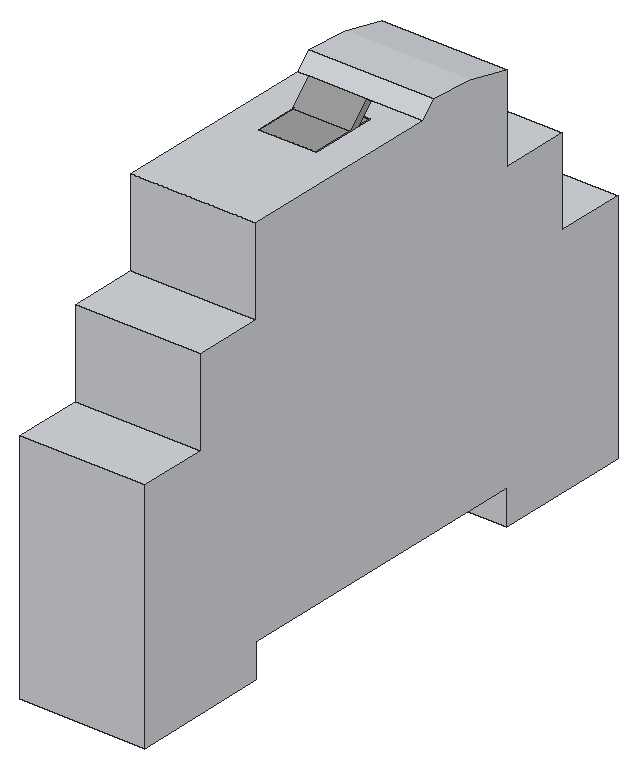
Revit family "Power-ModularDevices-GEWISS-90AM-SWITCH_ON_OFF", category Apparecchi elettrici, host Superficie, Revit 2016
Family settings
  Host = Superficie
  Mantenere orientamento annotazione = Sì
  Tipo di parte = Normale
  Quota connettore circolare = Usa diametro
  Numero OmniClass = 23.80.30.14
  Titolo OmniClass = Power Distribution
  Taglio con vuoti quando caricato = No
  Condiviso = No
  Punto di calcolo locali = Sì
Parameters (values of type "GW96542 - ON-OFF SWITCH+IND.LAMP 32A 2P 230V 1M")
  dIST sIMBOLO [instance] = 6.364 mm
  Version file RFA = "18.0"
  URL = "https://www.gewiss.com/ww/en"
  Type = "With indicator lamp"
  Technical sheet = "https://www.gewiss.com/ww/en/search?q=GW96542"
  TEXT LABEL = "A"
  Realized by GEWISS S.p.A. = ""
  Rated voltage = "230V"
  Rated current (In) = "32A"
  Default Elevation = 1219.2 mm
  Produttore = "GEWISS S.p.A."
  Potenza in Watt = 0 V
  Numero poli = 1
  Number of poles = "2P"
  No. Chorus modules = "1"
  Modello = "GW96542"
  Immagine tipo = GW96542.jpg
  IFC.TypeObject = ""
  IFC.ExportType = ""
  IFC.ExportAs = ""
  IDT = "f30bf467-093b-4f72-8385-68cf8ffc79e1"
  IDF = "ca8755d7-c1ca-4274-ad7b-33f739b1c151"
  Fin_nterruttore = none
  Electrocod = "1421                "
  EAN code = "8011564447912"
  Dist_dalla barra din [instance] = 5 mm
  Descrizione = "ON-OFF SWITCH+IND.LAMP 32A 2P 230V 1M"
  D = 45 mm
  Characteristics = "With red indicator lamp"
  Catalogue Range = "90 AM"
  Catalogue = "POWER"
  COBie.Tagnumber = ""
  COBie.CreatedOn = ""
  COBie.CreatebBy = ""
  COBie.ComponentRegisterItemID = ""
  COBie.Component.TagNumber = ""
  COBie.Component.Space = ""
  COBie.Component.SerialNumber = ""
  COBie.Component.InstallationDate = ""
  COBie.Component.Description = ""
  COBie.Component.BarCode = ""
  C = 65 mm
  B = 85 mm
  A = 54 mm
Values of the unnamed type that differ from the named types
  Version file RFA = ""
  Type = ""
  TEXT LABEL = ""
  Rated voltage = ""
  No. Chorus modules = ""
  IDF = ""
  Electrocod = ""
  Characteristics = ""
  Catalogue Range = ""
  Catalogue = ""
Reference planes
  plane 1 "Centro (Fronte/Retro)": y = 0
  plane 2: z = 0
  plane 3 "Centro (Sinistra/Destra)": x = 0
  plane 4 "barra din": y = -22.5
Dimensions and locks
  aligned and locked: plane 2 to host face
  aligned and locked: level to host face
  aligned and locked: plane 3 "Centro (Sinistra/Destra)" to nested 1
  aligned and locked: plane 1 "Centro (Fronte/Retro)" to nested 1
Nested families
  nested 1: "90AM INTERRUTTORI NON AUTOMATICI_generico" at (0, 22.5, 0), type "GW96879  -  AMPEROMETRO DIGIT. ALIM. T.A. 999A 2M"
Connectors
  electrical at (0, 65, 16.965)
    settings: on nested 1, index 1, voltage 230 V, apparent load 0 VA, apparent load phase1 0 VA, apparent load phase2 0 VA, apparent load phase3 0 VA, power factor 1, load classification "Altro", number of poles 1, system type 31, power factor state 1, is connector primary yes, connector utility no, sub classification motor no, connector description ""
Definition of nested family "90AM INTERRUTTORI NON AUTOMATICI_generico"
  Parameters (values of type "GW96879  -  AMPEROMETRO DIGIT. ALIM. T.A. 999A 2M")
    Default Elevation = 1219.2 mm
    Interruttore = none
    Finitura Amperometro = none
    DIST_DALLA BARRA = 5 mm
    D = 45 mm  # constant formula
    C = 59 mm  # constant formula
    B = 85 mm  # constant formula
    A = 18 mm  # constant formula
  Reference planes
    plane 1 "Centro (Fronte/Retro)": y = 0
    plane 2: z = 0
    plane 3 "Centro (Sinistra/Destra)": x = 0
    plane 4: y = -22.5
    plane 5: y = 22.5
    plane 6: y = -32.5
    plane 7: y = 32.5
    plane 8: y = -42.5
    plane 9: y = 42.5
    plane 10 "AMPEROMETRO": z = 59
    plane 11: z = 0
    plane 12: z = 5
    plane 13 "FOROMETRIA1": z = 33.929
    plane 14 "FOROMETRIA 2": z = 46.465
    plane 15: x = -9
    plane 16: x = 9
    plane 17: x = -4.129
    plane 18: x = 4.129
    plane 19: y = 3.94
    plane 20: y = -5.614
    plane 21: z = 57.086
    plane 22 "curvatura": z = 60.909
  Forms (mm)
    Extrusion 1, solid, material <- "Finitura Amperometro"
      sketch origin (0, 0, 5) x (0, 1, 0) y (0, 0, 1)
        loop
          line (-22.5, 54) -> (-22.5, 41.465) -> (-32.5, 41.465) -> (-32.5, 28.929) -> (-42.5, 28.929) -> (-42.5, -5) -> (-22.5, -5) -> (-22.5, 0) -> (22.5, 0) -> (22.5, -5) -> (42.5, -5) -> (42.5, 28.929) -> (32.5, 28.929) -> (32.5, 41.465) -> (22.5, 41.465) -> (22.5, 54)
          arc (22.5, 54) -> (16.035, 55.509) -> (9.409, 55.909) r 39.308
          line (9.409, 55.909) -> (7.5, 54) -> (-22.5, 54)
      from -9 to 9
    Extrusion 2, solid, detail levels coarse
      sketch origin (0, 0, 33.929) x (0, -1, 0) y (1, 0, 0)
        loop
          line (-42.5, -9) -> (42.5, -9) -> (42.5, 9) -> (-42.5, 9) -> (-42.5, -9)
      from -28.929 to 25.071
    Extrusion 3, void
      sketch origin (0, 0, 0) x (0, 1, 0) y (0, 0, 1)
        loop
          line (-5.614, 57.086) -> (3.94, 57.086) -> (3.94, 59) -> (-5.614, 59) -> (-5.614, 57.086)
      from -4.129 to 4.129
    Extrusion 4, solid, material <- "Interruttore"
      sketch origin (0, 0, 46.465) x (0, -1, 0) y (1, 0, 0)
        loop
          line (5.614, -4.129) -> (5.614, 4.129) -> (-3.94, 4.129) -> (-3.94, -4.129) -> (5.614, -4.129)
      from 10.621 to 12.535
    Extrusion 5, solid, material <- "Interruttore"
      sketch origin (0, 0, 0) x (0, -1, 0) y (0, 0, -1)
        loop
          line (0, -57.086) -> (-4.104, -61.189) -> (-3.397, -61.896) -> (1.414, -57.086) -> (0, -57.086)
      from -4.129 to 4.129
  Cuts and joins
    Extrusion 3 cuts Extrusion 1
    Extrusion 3 cuts Extrusion 2
  Lines and regions (mm)
    model lines, not visible
      curve 1: line (49.486, 32.5, 33.929) -> (49.486, 42.5, 33.929)
      curve 2: line (49.486, 42.5, 33.929) -> (67.486, 42.5, 33.929)
      curve 3: line (67.486, 42.5, 33.929) -> (67.486, 32.5, 33.929)
      curve 4: line (67.486, -32.5, 33.929) -> (67.486, -42.439, 33.929)
      curve 5: line (67.486, -42.439, 33.929) -> (49.486, -42.439, 33.929)
      curve 6: line (49.486, -42.439, 33.929) -> (49.486, -32.5, 33.929)
      curve 7: line (49.486, -32.5, 33.929) -> (67.486, -32.5, 33.929)
      curve 8: line (49.486, 32.5, 33.929) -> (67.486, 32.5, 33.929)
      curve 65: line (34.005, -22.5, 59) -> (34.005, 22.525, 59)
      curve 66: line (52.005, 22.525, 59) -> (52.005, -22.5, 59)
      curve 67: line (34.005, -22.5, 59) -> (52.005, -22.5, 59)
      curve 68: line (50.505, 21.525, 59) -> (50.505, -21.475, 59)
      curve 69: line (50.505, -21.475, 59) -> (35.005, -21.475, 59)
      curve 70: line (35.005, -21.475, 59) -> (35.005, 21.525, 59)
      curve 71: line (35.005, 21.525, 59) -> (50.505, 21.525, 59)
      curve 72: line (34.005, 22.525, 59) -> (52.005, 22.525, 59)
    model lines, not visible, detail levels medium+fine
      curve 9: line (54.227, -34.832, 33.929) -> (55.278, -35.114, 33.929)
      curve 10: line (55.278, -35.114, 33.929) -> (56.048, -35.884, 33.929)
      curve 11: line (56.048, -35.884, 33.929) -> (56.33, -36.935, 33.929)
      curve 12: line (56.33, -36.935, 33.929) -> (56.048, -37.987, 33.929)
      curve 13: line (56.048, -37.987, 33.929) -> (55.278, -38.756, 33.929)
      curve 14: line (55.278, -38.756, 33.929) -> (54.227, -39.038, 33.929)
      curve 15: line (54.227, -39.038, 33.929) -> (53.175, -38.756, 33.929)
      curve 16: line (53.175, -38.756, 33.929) -> (52.406, -37.987, 33.929)
      curve 17: line (52.406, -37.987, 33.929) -> (52.124, -36.935, 33.929)
      curve 18: line (52.124, -36.935, 33.929) -> (52.406, -35.884, 33.929)
      curve 19: line (52.406, -35.884, 33.929) -> (53.175, -35.114, 33.929)
      curve 20: line (53.175, -35.114, 33.929) -> (54.227, -34.832, 33.929)
      curve 21: line (53.175, -35.114, 33.929) -> (55.278, -38.756, 33.929)
      curve 22: line (56.048, -35.884, 33.929) -> (52.406, -37.987, 33.929)
      curve 23: line (62.244, -34.832, 33.929) -> (63.296, -35.114, 33.929)
      curve 24: line (63.296, -35.114, 33.929) -> (64.066, -35.884, 33.929)
      curve 25: line (64.066, -35.884, 33.929) -> (64.347, -36.935, 33.929)
      curve 26: line (64.347, -36.935, 33.929) -> (64.066, -37.987, 33.929)
      curve 27: line (64.066, -37.987, 33.929) -> (63.296, -38.756, 33.929)
      curve 28: line (63.296, -38.756, 33.929) -> (62.244, -39.038, 33.929)
      curve 29: line (62.244, -39.038, 33.929) -> (61.193, -38.756, 33.929)
      curve 30: line (61.193, -38.756, 33.929) -> (60.423, -37.987, 33.929)
      curve 31: line (60.423, -37.987, 33.929) -> (60.142, -36.935, 33.929)
      curve 32: line (60.142, -36.935, 33.929) -> (60.423, -35.884, 33.929)
      curve 33: line (60.423, -35.884, 33.929) -> (61.193, -35.114, 33.929)
      curve 34: line (61.193, -35.114, 33.929) -> (62.244, -34.832, 33.929)
      curve 35: line (64.066, -37.987, 33.929) -> (60.423, -35.884, 33.929)
      curve 36: line (61.193, -38.756, 33.929) -> (63.296, -35.114, 33.929)
      curve 37: line (54.227, 34.955, 33.929) -> (55.278, 35.237, 33.929)
      curve 38: line (55.278, 35.237, 33.929) -> (56.048, 36.007, 33.929)
      curve 39: line (56.048, 36.007, 33.929) -> (56.33, 37.058, 33.929)
      curve 40: line (56.33, 37.058, 33.929) -> (56.048, 38.11, 33.929)
      curve 41: line (56.048, 38.11, 33.929) -> (55.278, 38.879, 33.929)
      curve 42: line (55.278, 38.879, 33.929) -> (54.227, 39.161, 33.929)
      curve 43: line (54.227, 39.161, 33.929) -> (53.175, 38.879, 33.929)
      curve 44: line (53.175, 38.879, 33.929) -> (52.406, 38.11, 33.929)
      curve 45: line (52.406, 38.11, 33.929) -> (52.124, 37.058, 33.929)
      curve 46: line (52.124, 37.058, 33.929) -> (52.406, 36.007, 33.929)
      curve 47: line (52.406, 36.007, 33.929) -> (53.175, 35.237, 33.929)
      curve 48: line (53.175, 35.237, 33.929) -> (54.227, 34.955, 33.929)
      curve 49: line (53.175, 35.237, 33.929) -> (55.278, 38.879, 33.929)
      curve 50: line (56.048, 36.007, 33.929) -> (52.406, 38.11, 33.929)
      curve 51: line (62.244, 34.955, 33.929) -> (63.296, 35.237, 33.929)
      curve 52: line (63.296, 35.237, 33.929) -> (64.066, 36.007, 33.929)
      curve 53: line (64.066, 36.007, 33.929) -> (64.347, 37.058, 33.929)
      curve 54: line (64.347, 37.058, 33.929) -> (64.066, 38.11, 33.929)
      curve 55: line (64.066, 38.11, 33.929) -> (63.296, 38.879, 33.929)
      curve 56: line (63.296, 38.879, 33.929) -> (62.244, 39.161, 33.929)
      curve 57: line (62.244, 39.161, 33.929) -> (61.193, 38.879, 33.929)
      curve 58: line (61.193, 38.879, 33.929) -> (60.423, 38.11, 33.929)
      curve 59: line (60.423, 38.11, 33.929) -> (60.142, 37.058, 33.929)
      curve 60: line (60.142, 37.058, 33.929) -> (60.423, 36.007, 33.929)
      curve 61: line (60.423, 36.007, 33.929) -> (61.193, 35.237, 33.929)
      curve 62: line (61.193, 35.237, 33.929) -> (62.244, 34.955, 33.929)
      curve 63: line (64.066, 38.11, 33.929) -> (60.423, 36.007, 33.929)
      curve 64: line (61.193, 38.879, 33.929) -> (63.296, 35.237, 33.929)
    model lines, not visible, detail levels fine
      curve 73: line (42.349, 3.768, 59) -> (41.007, 2.962, 59)
      curve 74: line (41.007, 2.962, 59) -> (42.364, 2.125, 59)
      curve 75: line (47.984, -4.989, 59) -> (47.984, -6.242, 59)
      curve 76: line (47.984, -6.242, 59) -> (49.439, -6.242, 59)
      curve 77: line (49.439, -6.242, 59) -> (49.439, -4.78, 59)
      curve 78: line (49.439, -4.78, 59) -> (47.97, -4.78, 59)
      curve 79: line (47.97, -4.78, 59) -> (47.97, -5.138, 59)
      curve 80: line (38.35, 19.059, 59) -> (38.35, 17.344, 59)
      curve 81: line (38.35, 17.344, 59) -> (37.775, 17.344, 59)
      curve 82: line (37.775, 17.344, 59) -> (37.442, 17.386, 59)
      curve 83: line (37.442, 17.386, 59) -> (37.034, 17.567, 59)
      curve 84: line (37.034, 17.567, 59) -> (36.711, 17.867, 59)
      curve 85: line (36.711, 17.867, 59) -> (36.496, 18.272, 59)
      curve 86: line (36.496, 18.272, 59) -> (36.43, 18.703, 59)
      curve 87: line (36.43, 18.703, 59) -> (36.494, 19.101, 59)
      curve 88: line (36.494, 19.101, 59) -> (36.666, 19.452, 59)
      curve 89: line (36.666, 19.452, 59) -> (36.975, 19.772, 59)
      curve 90: line (36.975, 19.772, 59) -> (37.349, 19.966, 59)
      curve 91: line (37.349, 19.966, 59) -> (37.77, 20.036, 59)
      curve 92: line (37.77, 20.036, 59) -> (38.35, 20.036, 59)
      curve 93: line (38.35, 20.036, 59) -> (38.35, 19.296, 59)
      curve 94: line (38.35, 19.296, 59) -> (37.374, 19.296, 59)
      curve 95: line (37.374, 19.296, 59) -> (37.374, 18.084, 59)
      curve 96: line (37.374, 18.084, 59) -> (37.612, 18.084, 59)
      curve 97: line (37.612, 18.084, 59) -> (37.612, 19.059, 59)
      curve 98: line (37.612, 19.059, 59) -> (38.35, 19.059, 59)
      curve 99: line (40.672, 17.344, 59) -> (38.587, 17.344, 59)
      curve 100: line (38.587, 17.344, 59) -> (38.587, 20.036, 59)
      curve 101: line (38.587, 20.036, 59) -> (39.696, 20.036, 59)
      curve 102: line (39.696, 20.036, 59) -> (39.696, 19.296, 59)
      curve 103: line (39.696, 19.296, 59) -> (39.326, 19.296, 59)
      curve 104: line (39.326, 19.296, 59) -> (39.326, 19.06, 59)
      curve 105: line (39.326, 19.06, 59) -> (40.672, 19.06, 59)
      curve 106: line (40.672, 19.06, 59) -> (40.672, 18.32, 59)
      curve 107: line (40.672, 18.32, 59) -> (39.326, 18.32, 59)
      curve 108: line (39.326, 18.32, 59) -> (39.326, 18.084, 59)
      curve 109: line (39.326, 18.084, 59) -> (40.672, 18.084, 59)
      curve 110: line (40.672, 18.084, 59) -> (40.672, 17.344, 59)
      curve 111: line (44.443, 17.344, 59) -> (44.443, 19.06, 59)
      curve 112: line (44.443, 19.06, 59) -> (43.703, 19.06, 59)
      curve 113: line (43.703, 19.06, 59) -> (43.703, 17.344, 59)
      curve 114: line (43.703, 17.344, 59) -> (44.443, 17.344, 59)
      curve 115: line (41.966, 17.344, 59) -> (42.187, 18.453, 59)
      curve 116: line (42.187, 18.453, 59) -> (42.409, 17.344, 59)
      curve 117: line (42.409, 17.344, 59) -> (43.149, 17.344, 59)
      curve 118: line (43.149, 17.344, 59) -> (43.607, 19.296, 59)
      curve 119: line (43.607, 19.296, 59) -> (44.443, 19.296, 59)
      curve 120: line (44.443, 19.296, 59) -> (44.443, 20.036, 59)
      curve 121: line (44.443, 20.036, 59) -> (43.023, 20.036, 59)
      curve 122: line (43.023, 20.036, 59) -> (42.757, 18.897, 59)
      curve 123: line (42.757, 18.897, 59) -> (42.572, 20.036, 59)
      curve 124: line (42.572, 20.036, 59) -> (41.803, 20.036, 59)
      curve 125: line (41.803, 20.036, 59) -> (41.618, 18.897, 59)
      curve 126: line (41.618, 18.897, 59) -> (41.352, 20.036, 59)
      curve 127: line (41.352, 20.036, 59) -> (39.932, 20.036, 59)
      curve 128: line (39.932, 20.036, 59) -> (39.932, 19.296, 59)
      curve 129: line (39.932, 19.296, 59) -> (40.768, 19.296, 59)
      curve 130: line (40.768, 19.296, 59) -> (41.225, 17.344, 59)
      curve 131: line (41.225, 17.344, 59) -> (41.966, 17.344, 59)
      curve 132: line (46.764, 20.036, 59) -> (44.679, 20.036, 59)
      curve 133: line (44.679, 20.036, 59) -> (44.679, 18.32, 59)
      curve 134: line (44.679, 18.32, 59) -> (46.025, 18.32, 59)
      curve 135: line (46.025, 18.32, 59) -> (46.025, 18.084, 59)
      curve 136: line (46.025, 18.084, 59) -> (44.679, 18.084, 59)
      curve 137: line (44.679, 18.084, 59) -> (44.679, 17.344, 59)
      curve 138: line (44.679, 17.344, 59) -> (46.764, 17.344, 59)
      curve 139: line (46.764, 17.344, 59) -> (46.764, 19.06, 59)
      curve 140: line (46.764, 19.06, 59) -> (45.419, 19.06, 59)
      curve 141: line (45.419, 19.06, 59) -> (45.419, 19.296, 59)
      curve 142: line (45.419, 19.296, 59) -> (46.764, 19.296, 59)
      curve 143: line (46.764, 19.296, 59) -> (46.764, 20.036, 59)
      curve 144: line (47.001, 20.036, 59) -> (47.001, 18.32, 59)
      curve 145: line (47.001, 18.32, 59) -> (48.256, 18.32, 59)
      curve 146: line (48.256, 18.32, 59) -> (48.256, 18.084, 59)
      curve 147: line (48.256, 18.084, 59) -> (47.001, 18.084, 59)
      curve 148: line (47.001, 18.084, 59) -> (47.001, 17.344, 59)
      curve 149: line (47.001, 17.344, 59) -> (47.74, 17.344, 59)
      curve 150: line (47.74, 17.344, 59) -> (48.167, 17.481, 59)
      curve 151: line (48.167, 17.481, 59) -> (48.443, 17.661, 59)
      curve 152: line (48.443, 17.661, 59) -> (48.758, 18.048, 59)
      curve 153: line (48.758, 18.048, 59) -> (48.905, 18.482, 59)
      curve 154: line (48.905, 18.482, 59) -> (48.909, 18.868, 59)
      curve 155: line (48.909, 18.868, 59) -> (48.869, 19.06, 59)
      curve 156: line (48.869, 19.06, 59) -> (47.74, 19.06, 59)
      curve 157: line (47.74, 19.06, 59) -> (47.74, 19.296, 59)
      curve 158: line (47.74, 19.296, 59) -> (48.768, 19.296, 59)
      curve 159: line (48.768, 19.296, 59) -> (48.635, 19.52, 59)
      curve 160: line (48.635, 19.52, 59) -> (48.443, 19.719, 59)
      curve 161: line (48.443, 19.719, 59) -> (48.175, 19.895, 59)
      curve 162: line (48.175, 19.895, 59) -> (47.895, 19.997, 59)
      curve 163: line (47.895, 19.997, 59) -> (47.581, 20.036, 59)
      curve 164: line (47.581, 20.036, 59) -> (47.001, 20.036, 59)
      curve 165: line (44.086, 4.924, 59) -> (45.061, 4.663, 59)
      curve 166: line (45.061, 4.663, 59) -> (45.774, 3.949, 59)
      curve 167: line (45.774, 3.949, 59) -> (46.036, 2.974, 59)
      curve 168: line (46.036, 2.974, 59) -> (45.774, 2, 59)
      curve 169: line (45.774, 2, 59) -> (45.061, 1.286, 59)
      curve 170: line (45.061, 1.286, 59) -> (44.086, 1.025, 59)
      curve 171: line (44.086, 1.025, 59) -> (43.111, 1.286, 59)
      curve 172: line (43.111, 1.286, 59) -> (42.398, 2, 59)
      curve 173: line (42.398, 2, 59) -> (42.137, 2.974, 59)
      curve 174: line (42.137, 2.974, 59) -> (42.398, 3.949, 59)
      curve 175: line (42.398, 3.949, 59) -> (43.111, 4.663, 59)
      curve 176: line (43.111, 4.663, 59) -> (44.086, 4.924, 59)
      curve 177: line (45.642, -10.961, 59) -> (45.615, -9.395, 59)
      curve 178: line (45.615, -9.395, 59) -> (44.211, -10.152, 59)
      curve 179: line (45.774, -13.043, 59) -> (45.061, -13.757, 59)
      curve 180: line (45.061, -13.757, 59) -> (44.086, -14.018, 59)
      curve 181: line (44.086, -14.018, 59) -> (43.111, -13.757, 59)
      curve 182: line (43.111, -13.757, 59) -> (42.398, -13.043, 59)
      curve 183: line (42.398, -13.043, 59) -> (42.137, -12.068, 59)
      curve 184: line (42.137, -12.068, 59) -> (42.398, -11.094, 59)
      curve 185: line (42.398, -11.094, 59) -> (43.111, -10.38, 59)
      curve 186: line (43.111, -10.38, 59) -> (44.086, -10.119, 59)
      curve 187: line (44.086, -10.119, 59) -> (45.061, -10.38, 59)
      curve 188: line (45.061, -10.38, 59) -> (45.774, -11.094, 59)
      curve 189: line (45.774, -11.094, 59) -> (46.036, -12.068, 59)
      curve 190: line (46.036, -12.068, 59) -> (45.774, -13.043, 59)
      curve 191: line (44.086, -7.575, 59) -> (46.333, -8.177, 59)
      curve 192: line (46.333, -8.177, 59) -> (47.977, -9.822, 59)
      curve 193: line (47.977, -9.822, 59) -> (48.579, -12.068, 59)
      curve 194: line (48.579, -12.068, 59) -> (47.977, -14.315, 59)
      curve 195: line (47.977, -14.315, 59) -> (46.333, -15.96, 59)
      curve 196: line (46.333, -15.96, 59) -> (44.086, -16.561, 59)
      curve 197: line (44.086, -16.561, 59) -> (41.84, -15.96, 59)
      curve 198: line (41.84, -15.96, 59) -> (40.195, -14.315, 59)
      curve 199: line (40.195, -14.315, 59) -> (39.593, -12.068, 59)
      curve 200: line (39.593, -12.068, 59) -> (40.195, -9.822, 59)
      curve 201: line (40.195, -9.822, 59) -> (41.84, -8.177, 59)
      curve 202: line (41.84, -8.177, 59) -> (44.086, -7.575, 59)
      curve 203: line (46.771, -16.718, 59) -> (44.086, -17.437, 59)
      curve 204: line (44.086, -17.437, 59) -> (41.402, -16.718, 59)
      curve 205: line (41.402, -16.718, 59) -> (39.437, -14.753, 59)
      curve 206: line (39.437, -14.753, 59) -> (38.717, -12.068, 59)
      curve 207: line (38.717, -12.068, 59) -> (39.437, -9.384, 59)
      curve 208: line (39.437, -9.384, 59) -> (41.402, -7.419, 59)
      curve 209: line (41.402, -7.419, 59) -> (44.086, -6.7, 59)
      curve 210: line (44.086, -6.7, 59) -> (46.771, -7.419, 59)
      curve 211: line (44.086, 7.468, 59) -> (46.333, 6.866, 59)
      curve 212: line (46.333, 6.866, 59) -> (47.977, 5.221, 59)
      curve 213: line (47.977, 5.221, 59) -> (48.579, 2.974, 59)
      curve 214: line (48.579, 2.974, 59) -> (47.977, 0.728, 59)
      curve 215: line (47.977, 0.728, 59) -> (46.333, -0.917, 59)
      curve 216: line (46.333, -0.917, 59) -> (44.086, -1.519, 59)
      curve 217: line (44.086, -1.519, 59) -> (41.84, -0.917, 59)
      curve 218: line (41.84, -0.917, 59) -> (40.195, 0.728, 59)
      curve 219: line (40.195, 0.728, 59) -> (39.593, 2.974, 59)
      curve 220: line (39.593, 2.974, 59) -> (40.195, 5.221, 59)
      curve 221: line (40.195, 5.221, 59) -> (41.84, 6.866, 59)
      curve 222: line (41.84, 6.866, 59) -> (44.086, 7.468, 59)
      curve 223: line (46.771, -1.675, 59) -> (44.086, -2.394, 59)
      curve 224: line (44.086, -2.394, 59) -> (41.402, -1.675, 59)
      curve 225: line (41.402, -1.675, 59) -> (39.437, 0.29, 59)
      curve 226: line (39.437, 0.29, 59) -> (38.717, 2.974, 59)
      curve 227: line (38.717, 2.974, 59) -> (39.437, 5.659, 59)
      curve 228: line (39.437, 5.659, 59) -> (41.402, 7.624, 59)
      curve 229: line (41.402, 7.624, 59) -> (44.086, 8.343, 59)
      curve 230: line (44.086, 8.343, 59) -> (46.771, 7.624, 59)
    model lines, detail levels medium+fine
      curve 231: line (-9, 32.5, 46.465) -> (9, 32.5, 46.465)
      curve 232: line (9, -22.5, 46.465) -> (-9, -22.5, 46.465)
      curve 233: line (-9, 22.5, 46.465) -> (9, 22.5, 46.465)
      curve 234: line (9, -32.5, 46.465) -> (9, -22.5, 46.465)
      curve 235: line (-9, 32.5, 46.465) -> (-9, 22.5, 46.465)
      curve 236: line (-9, -32.5, 46.465) -> (9, -32.5, 46.465)
      curve 237: line (4.288, 29.784, 46.465) -> (2.995, 29.438, 46.465)
      curve 238: line (2.995, 29.438, 46.465) -> (2.048, 28.491, 46.465)
      curve 239: line (2.048, 28.491, 46.465) -> (1.701, 27.198, 46.465)
      curve 240: line (1.701, 27.198, 46.465) -> (2.048, 25.904, 46.465)
      curve 241: line (2.048, 25.904, 46.465) -> (2.995, 24.957, 46.465)
      curve 242: line (2.995, 24.957, 46.465) -> (4.288, 24.611, 46.465)
      curve 243: line (4.288, 24.611, 46.465) -> (5.581, 24.957, 46.465)
      curve 244: line (5.581, 24.957, 46.465) -> (6.528, 25.904, 46.465)
      curve 245: line (6.528, 25.904, 46.465) -> (6.875, 27.198, 46.465)
      curve 246: line (6.875, 27.198, 46.465) -> (6.528, 28.491, 46.465)
      curve 247: line (6.528, 28.491, 46.465) -> (5.581, 29.438, 46.465)
      curve 248: line (5.581, 29.438, 46.465) -> (4.288, 29.784, 46.465)
      curve 249: line (-4.312, 29.784, 46.465) -> (-5.605, 29.438, 46.465)
      curve 250: line (-5.605, 29.438, 46.465) -> (-6.552, 28.491, 46.465)
      curve 251: line (-6.552, 28.491, 46.465) -> (-6.899, 27.198, 46.465)
      curve 252: line (-6.899, 27.198, 46.465) -> (-6.552, 25.904, 46.465)
      curve 253: line (-6.552, 25.904, 46.465) -> (-5.605, 24.957, 46.465)
      curve 254: line (-5.605, 24.957, 46.465) -> (-4.312, 24.611, 46.465)
      curve 255: line (-4.312, 24.611, 46.465) -> (-3.019, 24.957, 46.465)
      curve 256: line (-3.019, 24.957, 46.465) -> (-2.072, 25.904, 46.465)
      curve 257: line (-2.072, 25.904, 46.465) -> (-1.725, 27.198, 46.465)
      curve 258: line (-1.725, 27.198, 46.465) -> (-2.072, 28.491, 46.465)
      curve 259: line (-2.072, 28.491, 46.465) -> (-3.019, 29.438, 46.465)
      curve 260: line (-3.019, 29.438, 46.465) -> (-4.312, 29.784, 46.465)
      curve 261: line (4.288, -30.172, 46.465) -> (2.995, -29.825, 46.465)
      curve 262: line (2.995, -29.825, 46.465) -> (2.048, -28.879, 46.465)
      curve 263: line (2.048, -28.879, 46.465) -> (1.701, -27.585, 46.465)
      curve 264: line (1.701, -27.585, 46.465) -> (2.048, -26.292, 46.465)
      curve 265: line (2.048, -26.292, 46.465) -> (2.995, -25.345, 46.465)
      curve 266: line (2.995, -25.345, 46.465) -> (4.288, -24.998, 46.465)
      curve 267: line (4.288, -24.998, 46.465) -> (5.581, -25.345, 46.465)
      curve 268: line (5.581, -25.345, 46.465) -> (6.528, -26.292, 46.465)
      curve 269: line (6.528, -26.292, 46.465) -> (6.875, -27.585, 46.465)
      curve 270: line (6.875, -27.585, 46.465) -> (6.528, -28.879, 46.465)
      curve 271: line (6.528, -28.879, 46.465) -> (5.581, -29.825, 46.465)
      curve 272: line (5.581, -29.825, 46.465) -> (4.288, -30.172, 46.465)
      curve 273: line (-4.312, -30.172, 46.465) -> (-5.605, -29.825, 46.465)
      curve 274: line (-5.605, -29.825, 46.465) -> (-6.552, -28.879, 46.465)
      curve 275: line (-6.552, -28.879, 46.465) -> (-6.899, -27.585, 46.465)
      curve 276: line (-6.899, -27.585, 46.465) -> (-6.552, -26.292, 46.465)
      curve 277: line (-6.552, -26.292, 46.465) -> (-5.605, -25.345, 46.465)
      curve 278: line (-5.605, -25.345, 46.465) -> (-4.312, -24.998, 46.465)
      curve 279: line (-4.312, -24.998, 46.465) -> (-3.019, -25.345, 46.465)
      curve 280: line (-3.019, -25.345, 46.465) -> (-2.072, -26.292, 46.465)
      curve 281: line (-2.072, -26.292, 46.465) -> (-1.725, -27.585, 46.465)
      curve 282: line (-1.725, -27.585, 46.465) -> (-2.072, -28.879, 46.465)
      curve 283: line (-2.072, -28.879, 46.465) -> (-3.019, -29.825, 46.465)
      curve 284: line (-3.019, -29.825, 46.465) -> (-4.312, -30.172, 46.465)
      curve 285: line (-9, -22.5, 46.465) -> (-9, -32.5, 46.465)
      curve 286: line (9, 22.5, 46.465) -> (9, 32.5, 46.465)
      curve 287: line (4.129, 2.401, 59) -> (4.129, -5.614, 59)
      curve 288: line (4.129, -5.614, 59) -> (-4.129, -5.614, 59)
      curve 289: line (-4.129, -5.614, 59) -> (-4.129, 2.401, 59)
      curve 290: line (8.7, -10.974, 59) -> (-9, -10.974, 59)
    model lines
      curve 291: line (9, -22.5, 59) -> (-9, -22.5, 59)
      curve 293: line (-9, 7.5, 59) -> (-9, -22.5, 59)
      curve 378: spline (5.04, -15.365, 59) -> (4.866, -14.618, 59) -> (4.356, -13.922, 59) -> (3.544, -13.324, 59) -> (2.486, -12.865, 59) -> (1.254, -12.577, 59) -> (-0.069, -12.478, 59) -> (-1.391, -12.577, 59) -> (-2.623, -12.865, 59) -> (-3.681, -13.324, 59) -> (-4.493, -13.922, 59) -> (-5.003, -14.618, 59) -> (-5.177, -15.365, 59) -> (-5.003, -16.112, 59) -> (-4.493, -16.808, 59) -> (-3.681, -17.406, 59) -> (-2.623, -17.865, 59) -> (-1.391, -18.154, 59) -> (-0.069, -18.252, 59) -> (1.254, -18.154, 59) -> (2.486, -17.865, 59) -> (3.544, -17.406, 59) -> (4.356, -16.808, 59) -> (4.866, -16.112, 59) -> (5.04, -15.365, 59)
      curve 379: line (-9, 7.5, 59) -> (9, 7.5, 59)
    model lines, detail levels fine
      curve 292: line (9, -22.5, 59) -> (9, 7.5, 59)
      curve 294: line (-3.305, -20.475, 59) -> (-3.305, -21.728, 59)
      curve 295: line (-3.305, -21.728, 59) -> (-3.725, -21.728, 59)
      curve 296: line (-3.725, -21.728, 59) -> (-3.968, -21.698, 59)
      curve 297: line (-3.968, -21.698, 59) -> (-4.266, -21.566, 59)
      curve 298: line (-4.266, -21.566, 59) -> (-4.503, -21.346, 59)
      curve 299: line (-4.503, -21.346, 59) -> (-4.659, -21.05, 59)
      curve 300: line (-4.659, -21.05, 59) -> (-4.708, -20.735, 59)
      curve 301: line (-4.708, -20.735, 59) -> (-4.661, -20.445, 59)
      curve 302: line (-4.661, -20.445, 59) -> (-4.535, -20.189, 59)
      curve 303: line (-4.535, -20.189, 59) -> (-4.309, -19.955, 59)
      curve 304: line (-4.309, -19.955, 59) -> (-4.036, -19.813, 59)
      curve 305: line (-4.036, -19.813, 59) -> (-3.729, -19.762, 59)
      curve 306: line (-3.729, -19.762, 59) -> (-3.305, -19.762, 59)
      curve 307: line (-3.305, -19.762, 59) -> (-3.305, -20.302, 59)
      curve 308: line (-3.305, -20.302, 59) -> (-4.018, -20.302, 59)
      curve 309: line (-4.018, -20.302, 59) -> (-4.018, -21.188, 59)
      curve 310: line (-4.018, -21.188, 59) -> (-3.844, -21.188, 59)
      curve 311: line (-3.844, -21.188, 59) -> (-3.844, -20.475, 59)
      curve 312: line (-3.844, -20.475, 59) -> (-3.305, -20.475, 59)
      curve 313: line (-1.609, -21.728, 59) -> (-3.132, -21.728, 59)
      curve 314: line (-3.132, -21.728, 59) -> (-3.132, -19.762, 59)
      curve 315: line (-3.132, -19.762, 59) -> (-2.322, -19.762, 59)
      curve 316: line (-2.322, -19.762, 59) -> (-2.322, -20.302, 59)
      curve 317: line (-2.322, -20.302, 59) -> (-2.592, -20.302, 59)
      curve 318: line (-2.592, -20.302, 59) -> (-2.592, -20.475, 59)
      curve 319: line (-2.592, -20.475, 59) -> (-1.609, -20.475, 59)
      curve 320: line (-1.609, -20.475, 59) -> (-1.609, -21.015, 59)
      curve 321: line (-1.609, -21.015, 59) -> (-2.592, -21.015, 59)
      curve 322: line (-2.592, -21.015, 59) -> (-2.592, -21.188, 59)
      curve 323: line (-2.592, -21.188, 59) -> (-1.609, -21.188, 59)
      curve 324: line (-1.609, -21.188, 59) -> (-1.609, -21.728, 59)
      curve 325: line (1.146, -21.728, 59) -> (1.146, -20.475, 59)
      curve 326: line (1.146, -20.475, 59) -> (0.606, -20.475, 59)
      curve 327: line (0.606, -20.475, 59) -> (0.606, -21.728, 59)
      curve 328: line (0.606, -21.728, 59) -> (1.146, -21.728, 59)
      curve 329: line (-0.664, -21.728, 59) -> (-0.502, -20.918, 59)
      curve 330: line (-0.502, -20.918, 59) -> (-0.339, -21.728, 59)
      curve 331: line (-0.339, -21.728, 59) -> (0.201, -21.728, 59)
      curve 332: line (0.201, -21.728, 59) -> (0.536, -20.302, 59)
      curve 333: line (0.536, -20.302, 59) -> (1.146, -20.302, 59)
      curve 334: line (1.146, -20.302, 59) -> (1.146, -19.762, 59)
      curve 335: line (1.146, -19.762, 59) -> (0.109, -19.762, 59)
      curve 336: line (0.109, -19.762, 59) -> (-0.086, -20.594, 59)
      curve 337: line (-0.086, -20.594, 59) -> (-0.221, -19.762, 59)
      curve 338: line (-0.221, -19.762, 59) -> (-0.782, -19.762, 59)
      curve 339: line (-0.782, -19.762, 59) -> (-0.917, -20.594, 59)
      curve 340: line (-0.917, -20.594, 59) -> (-1.112, -19.762, 59)
      curve 341: line (-1.112, -19.762, 59) -> (-2.149, -19.762, 59)
      curve 342: line (-2.149, -19.762, 59) -> (-2.149, -20.302, 59)
      curve 343: line (-2.149, -20.302, 59) -> (-1.539, -20.302, 59)
      curve 344: line (-1.539, -20.302, 59) -> (-1.204, -21.728, 59)
      curve 345: line (-1.204, -21.728, 59) -> (-0.664, -21.728, 59)
      curve 346: line (2.842, -19.762, 59) -> (1.319, -19.762, 59)
      curve 347: line (1.319, -19.762, 59) -> (1.319, -21.015, 59)
      curve 348: line (1.319, -21.015, 59) -> (2.302, -21.015, 59)
      curve 349: line (2.302, -21.015, 59) -> (2.302, -21.188, 59)
      curve 350: line (2.302, -21.188, 59) -> (1.319, -21.188, 59)
      curve 351: line (1.319, -21.188, 59) -> (1.319, -21.728, 59)
      curve 352: line (1.319, -21.728, 59) -> (2.842, -21.728, 59)
      curve 353: line (2.842, -21.728, 59) -> (2.842, -20.475, 59)
      curve 354: line (2.842, -20.475, 59) -> (1.859, -20.475, 59)
      curve 355: line (1.859, -20.475, 59) -> (1.859, -20.302, 59)
      curve 356: line (1.859, -20.302, 59) -> (2.842, -20.302, 59)
      curve 357: line (2.842, -20.302, 59) -> (2.842, -19.762, 59)
      curve 358: line (3.015, -19.762, 59) -> (3.015, -21.015, 59)
      curve 359: line (3.015, -21.015, 59) -> (3.932, -21.015, 59)
      curve 360: line (3.932, -21.015, 59) -> (3.932, -21.188, 59)
      curve 361: line (3.932, -21.188, 59) -> (3.015, -21.188, 59)
      curve 362: line (3.015, -21.188, 59) -> (3.015, -21.728, 59)
      curve 363: line (3.015, -21.728, 59) -> (3.555, -21.728, 59)
      curve 364: line (3.555, -21.728, 59) -> (3.867, -21.628, 59)
      curve 365: line (3.867, -21.628, 59) -> (4.068, -21.497, 59)
      curve 366: line (4.068, -21.497, 59) -> (4.299, -21.214, 59)
      curve 367: line (4.299, -21.214, 59) -> (4.406, -20.897, 59)
      curve 368: line (4.406, -20.897, 59) -> (4.409, -20.615, 59)
      curve 369: line (4.38, -20.475, 59) -> (3.555, -20.475, 59)
      curve 370: line (3.555, -20.475, 59) -> (3.555, -20.302, 59)
      curve 371: line (3.555, -20.302, 59) -> (4.306, -20.302, 59)
      curve 372: line (4.306, -20.302, 59) -> (4.209, -20.139, 59)
      curve 373: line (4.209, -20.139, 59) -> (4.068, -19.994, 59)
      curve 374: line (4.068, -19.994, 59) -> (3.873, -19.865, 59)
      curve 375: line (3.873, -19.865, 59) -> (3.668, -19.79, 59)
      curve 376: line (3.668, -19.79, 59) -> (3.439, -19.762, 59)
      curve 377: line (3.439, -19.762, 59) -> (3.015, -19.762, 59)
  Dimensions and locks
    equal spacing: plane 4, plane 1 "Centro (Fronte/Retro)", plane 5
    "D": plane 4 to plane 5
    "C": plane 11 to plane 10 "AMPEROMETRO"
    locked: plane 11 to plane 12 at 5
    "B": plane 8 to plane 9
    equal spacing: plane 8, plane 1 "Centro (Fronte/Retro)", plane 9
    plane 12 to plane 13 "FOROMETRIA1" = 28.929 mm
    equal spacing: plane 10 "AMPEROMETRO", plane 14 "FOROMETRIA 2", plane 13 "FOROMETRIA1"
    locked: plane 6 to plane 4 at 10
    locked: plane 5 to plane 7 at 10
    equal spacing: plane 15, plane 3 "Centro (Sinistra/Destra)", plane 16
    "A": plane 15 to plane 16
    "DIST_DALLA BARRA": plane 2 to plane 12
    plane 8 to plane 6 = 10 mm
    equal spacing: plane 17, plane 3 "Centro (Sinistra/Destra)", plane 18
    locked: plane 21 to plane 10 "AMPEROMETRO" at 1.914
    plane 1 "Centro (Fronte/Retro)" to Extrusion 4 = 3.94 mm
    locked: plane 22 "curvatura" to plane 21 at 3.823
    aligned and locked: level to plane 2
    aligned and locked: plane 10 "AMPEROMETRO" to Extrusion 1 sketch curve
    aligned and locked: plane 4 to Extrusion 1 sketch curve
    aligned and locked: plane 5 to Extrusion 1 sketch curve
    aligned and locked: plane 8 to Extrusion 1 sketch curve
    aligned and locked: plane 9 to Extrusion 1 sketch curve
    aligned and locked: plane 12 to Extrusion 1 sketch curve
    aligned and locked: plane 11 to Extrusion 1 sketch curve  (x2)
    aligned and locked: plane 13 "FOROMETRIA1" to Extrusion 1 sketch curve
    aligned and locked: Extrusion 1 sketch curve to plane 13 "FOROMETRIA1"
    aligned and locked: plane 14 "FOROMETRIA 2" to Extrusion 1 sketch curve
    aligned and locked: Extrusion 1 sketch curve to plane 14 "FOROMETRIA 2"
    aligned and locked: plane 15 to Extrusion 1
    aligned and locked: Extrusion 1 to plane 16
    aligned and locked: plane 16 to Extrusion 2 sketch curve
    aligned and locked: plane 9 to Extrusion 2 sketch curve
    aligned and locked: Extrusion 2 sketch curve to plane 15
    aligned and locked: Extrusion 2 sketch curve to plane 8
    aligned and locked: Extrusion 2 to plane 10 "AMPEROMETRO"
    aligned and locked: plane 12 to Extrusion 2
    aligned and locked: Extrusion 3 sketch curve to plane 21
    aligned and locked: plane 20 to Extrusion 3 sketch curve
    aligned and locked: Extrusion 3 sketch curve to plane 10 "AMPEROMETRO"
    aligned and locked: Extrusion 3 sketch curve to plane 19
    aligned and locked: Extrusion 3 to plane 17
    aligned and locked: plane 18 to Extrusion 3
    aligned and locked: Extrusion 4 sketch curve to cut or joined group of Extrusion 1, Extrusion 3  (x3)
    aligned and locked: Extrusion 4 sketch curve to plane 19
    aligned and locked: Extrusion 4 to plane 21
    aligned and locked: Extrusion 4 to plane 10 "AMPEROMETRO"
    aligned and locked: plane 22 "curvatura" to cut or joined group of Extrusion 1, Extrusion 3
    aligned and locked: curve 232 to plane 4
    aligned and locked: plane 6 to cut or joined group of Extrusion 1, Extrusion 3
    aligned and locked: plane 7 to curve 231
    aligned and locked: plane 5 to curve 233
    aligned and locked: plane 15 to curve 293
    aligned and locked: curve 292 to plane 16
    aligned and locked: curve 291 to plane 4
    aligned and locked: plane 17 to curve 289
    aligned and locked: curve 287 to plane 18
  Automatic sketch dimensions
    curve 2 to curve 57 = 3.339 mm
    curve 1 to curve 42 = 3.339 mm
    curve 42 to curve 42 = 0.282 mm
    curve 56 to curve 56 = 0.282 mm
    curve 56 to curve 64 = 0.282 mm
    curve 42 to curve 43 = 0.282 mm
    curve 57 to curve 58 = 0.77 mm
    curve 55 to curve 54 = 0.77 mm  (x2)
    curve 43 to curve 45 = 0.77 mm
    curve 41 to curve 41 = 0.77 mm
    curve 63 to curve 54 = 1.051 mm
    curve 44 to curve 45 = 1.051 mm
    curve 40 to curve 40 = 1.051 mm
    curve 58 to curve 60 = 1.051 mm
    curve 39 to curve 50 = 1.051 mm
    curve 59 to curve 63 = 1.051 mm
    curve 45 to curve 47 = 1.051 mm
    curve 53 to curve 53 = 1.051 mm
    curve 46 to curve 47 = 0.77 mm
    curve 52 to curve 52 = 0.77 mm
    curve 60 to curve 61 = 0.77 mm
    curve 38 to curve 38 = 0.77 mm  (x2)
    curve 64 to curve 51 = 0.282 mm
    curve 37 to curve 37 = 0.282 mm
    curve 52 to curve 3 = 3.507 mm
    curve 1 to curve 6 = 65 mm
    curve 4 to curve 23 = 2.332 mm
    curve 6 to curve 9 = 2.332 mm
    curve 23 to curve 23 = 0.282 mm
    curve 23 to curve 34 = 0.282 mm
    curve 9 to curve 9 = 0.282 mm
    curve 9 to curve 20 = 0.282 mm
    curve 33 to curve 32 = 0.77 mm
    curve 19 to curve 19 = 0.77 mm
    curve 9 to curve 22 = 0.77 mm
    curve 23 to curve 25 = 0.77 mm
    curve 24 to curve 25 = 1.051 mm
    curve 10 to curve 11 = 1.051 mm
    curve 18 to curve 17 = 1.051 mm
    curve 35 to curve 32 = 1.051 mm
    curve 25 to curve 26 = 1.051 mm
    curve 17 to curve 17 = 1.051 mm
    curve 31 to curve 30 = 1.051 mm
    curve 11 to curve 12 = 1.051 mm
    curve 12 to curve 14 = 0.77 mm
    curve 30 to curve 36 = 0.77 mm
    curve 16 to curve 15 = 0.77 mm
    curve 26 to curve 27 = 0.77 mm
    curve 36 to curve 29 = 0.282 mm
    curve 13 to curve 15 = 0.282 mm
    curve 27 to curve 4 = 3.682 mm
    curve 26 to curve 4 = 3.138 mm
    curve 53 to curve 3 = 3.138 mm
    curve 26 to curve 25 = 0.282 mm
    curve 63 to curve 53 = 0.282 mm
    curve 25 to curve 25 = 0.282 mm
    curve 53 to curve 53 = 0.282 mm
    curve 64 to curve 52 = 0.77 mm
    curve 36 to curve 24 = 0.77 mm
    curve 27 to curve 26 = 0.77 mm
    curve 57 to curve 55 = 1.051 mm
    curve 51 to curve 64 = 1.051 mm
    curve 23 to curve 36 = 1.051 mm
    curve 29 to curve 27 = 1.051 mm
    curve 62 to curve 51 = 1.051 mm
    curve 58 to curve 56 = 1.051 mm
    curve 29 to curve 28 = 1.051 mm
    curve 33 to curve 23 = 1.051 mm
    curve 30 to curve 29 = 0.77 mm
    curve 58 to curve 57 = 0.77 mm
    curve 33 to curve 33 = 0.77 mm
    curve 63 to curve 61 = 0.77 mm
    curve 32 to curve 35 = 0.282 mm
    curve 60 to curve 63 = 0.282 mm
    curve 40 to curve 39 = 0.282 mm
    curve 50 to curve 39 = 0.282 mm
    curve 13 to curve 11 = 0.282 mm
    curve 22 to curve 11 = 0.282 mm
    curve 42 to curve 40 = 0.77 mm
    curve 10 to curve 10 = 0.77 mm
    curve 13 to curve 12 = 0.77 mm
    curve 20 to curve 9 = 1.051 mm  (x2)
    curve 15 to curve 13 = 1.051 mm
    curve 48 to curve 37 = 1.051 mm
    curve 42 to curve 41 = 1.051 mm
    curve 16 to curve 14 = 1.051 mm
    curve 44 to curve 42 = 1.051 mm
    curve 47 to curve 37 = 1.051 mm
    curve 22 to curve 15 = 0.77 mm
    curve 47 to curve 47 = 0.77 mm
    curve 44 to curve 43 = 0.77 mm
    curve 18 to curve 19 = 0.77 mm
    curve 18 to curve 17 = 0.282 mm
    curve 45 to curve 46 = 0.282 mm
    curve 1 to curve 46 = 2.92 mm
    curve 5 to curve 15 = 3.69 mm
    curve 6 to curve 8 = 0 mm
    curve 39 to curve 59 = 3.812 mm
    curve 11 to curve 31 = 3.812 mm
    curve 71 to curve 66 = 1.5 mm
    curve 77 to curve 68 = 1.065 mm
    curve 155 to curve 68 = 1.595 mm
    curve 153 to curve 154 = 0.004 mm
    curve 156 to curve 154 = 0.04 mm
    curve 159 to curve 155 = 0.101 mm
    curve 153 to curve 153 = 0.147 mm
    curve 159 to curve 158 = 0.134 mm
    curve 214 to curve 77 = 0.86 mm
    curve 194 to curve 76 = 0.86 mm
    curve 152 to curve 152 = 0.315 mm
    curve 161 to curve 159 = 0.192 mm
    curve 147 to curve 151 = 0.187 mm
    curve 161 to curve 160 = 0.268 mm
    curve 150 to curve 151 = 0.276 mm
    curve 76 to curve 76 = 1.455 mm
    curve 195 to curve 194 = 0.602 mm
    curve 212 to curve 213 = 0.602 mm
    curve 214 to curve 214 = 0.602 mm
    curve 193 to curve 193 = 0.602 mm
    curve 79 to curve 75 = 0.014 mm
    curve 162 to curve 162 = 0.28 mm
    curve 150 to curve 150 = 0.427 mm
    curve 158 to curve 163 = 0.155 mm
    curve 163 to curve 162 = 0.314 mm
    curve 144 to curve 163 = 0.58 mm
    curve 147 to curve 144 = 0 mm
    curve 143 to curve 144 = 0.237 mm
    curve 140 to curve 142 = 0 mm
    curve 195 to curve 194 = 1.645 mm
    curve 211 to curve 212 = 1.645 mm
    curve 215 to curve 214 = 1.645 mm
    curve 191 to curve 192 = 1.645 mm
    curve 190 to curve 193 = 2.544 mm
    curve 168 to curve 213 = 2.544 mm
    curve 135 to curve 147 = 0.976 mm
    curve 188 to curve 189 = 0.261 mm
    curve 168 to curve 167 = 0.261 mm
    curve 179 to curve 189 = 0.261 mm
    curve 166 to curve 168 = 0.261 mm
    curve 178 to curve 191 = 0.718 mm
    curve 141 to curve 134 = 0.606 mm
    curve 165 to curve 167 = 0.714 mm
    curve 187 to curve 188 = 0.714 mm
    curve 169 to curve 169 = 0.714 mm
    curve 179 to curve 179 = 0.714 mm
    curve 136 to curve 140 = 0.739 mm
    curve 133 to curve 141 = 0.739 mm
    curve 111 to curve 137 = 0.237 mm
    curve 120 to curve 111 = 0 mm
    curve 176 to curve 165 = 0.975 mm
    curve 202 to curve 191 = 2.247 mm
    curve 186 to curve 187 = 0.975 mm
    curve 203 to curve 195 = 2.247 mm
    curve 181 to curve 179 = 0.975 mm
    curve 171 to curve 169 = 0.975 mm
    curve 224 to curve 215 = 2.247 mm
    curve 222 to curve 211 = 2.247 mm
    curve 230 to curve 211 = 0 mm
    curve 209 to curve 191 = 0 mm
    curve 196 to curve 203 = 0 mm
    curve 217 to curve 223 = 0 mm
    curve 113 to curve 111 = 0.739 mm
    curve 118 to curve 112 = 0.096 mm
    curve 117 to curve 113 = 0.555 mm
    curve 186 to curve 186 = 0.975 mm
    curve 176 to curve 176 = 0.975 mm
    curve 181 to curve 180 = 0.975 mm
    curve 171 to curve 170 = 0.975 mm
    curve 121 to curve 118 = 0.584 mm
    curve 123 to curve 118 = 0.85 mm
    curve 123 to curve 121 = 0.451 mm
    curve 116 to curve 117 = 0.739 mm
    curve 175 to curve 175 = 0.714 mm
    curve 182 to curve 181 = 0.714 mm
    curve 173 to curve 171 = 0.714 mm
    curve 185 to curve 185 = 0.714 mm
    curve 115 to curve 122 = 0.569 mm
    curve 183 to curve 182 = 0.261 mm
    curve 174 to curve 172 = 0.261 mm
    curve 131 to curve 116 = 0.444 mm
    curve 202 to curve 202 = 2.247 mm
    curve 198 to curve 196 = 2.247 mm
    curve 221 to curve 222 = 2.247 mm
    curve 217 to curve 216 = 2.247 mm
    curve 124 to curve 123 = 0.769 mm
    curve 126 to curve 115 = 0.569 mm
    curve 229 to curve 221 = 0.438 mm
    curve 205 to curve 197 = 0.438 mm
    curve 225 to curve 217 = 0.438 mm
    curve 209 to curve 201 = 0.438 mm
    curve 126 to curve 124 = 0.451 mm
    curve 130 to curve 115 = 0.74 mm
    curve 74 to curve 173 = 1.13 mm
    curve 129 to curve 125 = 0.85 mm
    curve 99 to curve 130 = 0.554 mm
    curve 106 to curve 129 = 0.096 mm
    curve 221 to curve 221 = 1.645 mm
    curve 218 to curve 218 = 1.645 mm
    curve 201 to curve 201 = 1.645 mm
    curve 199 to curve 197 = 1.645 mm
    curve 127 to curve 129 = 0.836 mm
    curve 102 to curve 127 = 0.237 mm
    curve 219 to curve 73 = 1.414 mm
    curve 199 to curve 198 = 0.602 mm
    curve 227 to curve 220 = 0.758 mm
    curve 225 to curve 218 = 0.758 mm
    curve 206 to curve 198 = 0.758 mm
    curve 207 to curve 200 = 0.758 mm
    curve 108 to curve 102 = 0.37 mm
    curve 103 to curve 102 = 0.37 mm
    curve 206 to curve 199 = 0.876 mm
    curve 227 to curve 219 = 0.876 mm
    curve 101 to curve 103 = 0.739 mm
    curve 98 to curve 104 = 0.976 mm
    curve 92 to curve 100 = 0.237 mm
    curve 82 to curve 80 = 0.575 mm
    curve 91 to curve 92 = 0.58 mm
    curve 98 to curve 80 = 0.738 mm
    curve 82 to curve 81 = 0.333 mm
    curve 96 to curve 96 = 0.238 mm
    curve 90 to curve 91 = 0.421 mm
    curve 83 to curve 82 = 0.408 mm
    curve 89 to curve 90 = 0.374 mm
    curve 85 to curve 83 = 0.324 mm
    curve 89 to curve 89 = 0.309 mm
    curve 85 to curve 84 = 0.214 mm
    curve 87 to curve 88 = 0.172 mm
    curve 87 to curve 88 = 0.064 mm
    curve 69 to curve 204 = 6.397 mm
    curve 65 to curve 69 = 1 mm
    curve 65 to curve 70 = 1.025 mm
    curve 68 to curve 203 = 4.038 mm
    curve 203 to curve 204 = 0.719 mm
    curve 203 to curve 196 = 0.876 mm
    curve 196 to curve 196 = 0.602 mm
    curve 204 to curve 197 = 0.758 mm
    curve 197 to curve 206 = 1.207 mm
    curve 206 to curve 199 = 0.438 mm
    curve 195 to curve 195 = 1.645 mm
    curve 196 to curve 181 = 2.544 mm
    curve 180 to curve 181 = 0.261 mm
    curve 180 to curve 180 = 0.261 mm
    curve 181 to curve 182 = 0.714 mm
    curve 179 to curve 190 = 0.714 mm
    curve 179 to curve 190 = 0.975 mm
    curve 182 to curve 183 = 0.975 mm
    curve 198 to curve 206 = 2.247 mm
    curve 206 to curve 200 = 0 mm
    curve 194 to curve 193 = 2.247 mm
    curve 189 to curve 188 = 0.975 mm
    curve 183 to curve 184 = 0.975 mm
    curve 184 to curve 185 = 0.714 mm
    curve 188 to curve 188 = 0.714 mm
    curve 185 to curve 187 = 0.261 mm
    curve 193 to curve 192 = 2.247 mm
    curve 199 to curve 200 = 2.247 mm
    curve 187 to curve 177 = 0.985 mm
    curve 200 to curve 208 = 0.438 mm
    curve 177 to curve 191 = 1.218 mm
    curve 200 to curve 202 = 1.645 mm
    curve 201 to curve 191 = 0.602 mm
    curve 201 to curve 209 = 0.758 mm
    curve 191 to curve 210 = 0.876 mm
    curve 191 to curve 75 = 1.935 mm
    curve 76 to curve 77 = 1.462 mm
    curve 209 to curve 224 = 4.305 mm
    curve 223 to curve 224 = 0.719 mm
    curve 223 to curve 216 = 0.876 mm
    curve 216 to curve 215 = 0.602 mm
    curve 224 to curve 218 = 0.758 mm
    curve 217 to curve 226 = 1.207 mm
    curve 225 to curve 219 = 0.438 mm
    curve 216 to curve 214 = 1.645 mm
    curve 216 to curve 170 = 2.544 mm
    curve 170 to curve 171 = 0.261 mm
    curve 171 to curve 170 = 0.261 mm
    curve 171 to curve 173 = 0.714 mm
    curve 169 to curve 168 = 0.714 mm
    curve 172 to curve 74 = 0.962 mm
    curve 172 to curve 173 = 0.975 mm
    curve 168 to curve 168 = 0.975 mm
    curve 215 to curve 213 = 2.247 mm
    curve 73 to curve 226 = 0.012 mm
    curve 226 to curve 220 = 0 mm
    curve 168 to curve 166 = 0.975 mm
    curve 174 to curve 174 = 0.975 mm
    curve 174 to curve 176 = 0.714 mm
    curve 167 to curve 165 = 0.714 mm
    curve 175 to curve 176 = 0.261 mm
    curve 213 to curve 212 = 2.247 mm
    curve 219 to curve 220 = 2.247 mm
    curve 220 to curve 227 = 0.438 mm
    curve 212 to curve 212 = 1.645 mm
    curve 220 to curve 221 = 1.645 mm
    curve 221 to curve 211 = 0.602 mm
    curve 221 to curve 229 = 0.758 mm
    curve 211 to curve 230 = 0.876 mm
    curve 229 to curve 139 = 9.001 mm
    curve 115 to curve 137 = 0 mm
    curve 115 to curve 116 = 0 mm
    curve 117 to curve 114 = 0 mm
    curve 110 to curve 130 = 0 mm
    curve 138 to curve 148 = 0 mm
    curve 99 to curve 81 = 0 mm
    curve 81 to curve 82 = 0.042 mm
    curve 149 to curve 151 = 0.137 mm
    curve 82 to curve 83 = 0.18 mm
    curve 150 to curve 152 = 0.18 mm
    curve 83 to curve 85 = 0.3 mm
    curve 151 to curve 152 = 0.387 mm
    curve 82 to curve 97 = 0.697 mm
    curve 148 to curve 147 = 0.739 mm
    curve 99 to curve 109 = 0.739 mm
    curve 135 to curve 147 = 0 mm
    curve 84 to curve 85 = 0.405 mm
    curve 109 to curve 106 = 0.236 mm
    curve 146 to curve 146 = 0.237 mm
    curve 135 to curve 134 = 0.237 mm
    curve 116 to curve 116 = 1.109 mm
    curve 152 to curve 153 = 0.434 mm
    curve 85 to curve 86 = 0.431 mm
    curve 153 to curve 155 = 0.385 mm
    curve 115 to curve 125 = 0.444 mm
    curve 115 to curve 123 = 0.444 mm
    curve 96 to curve 80 = 0.976 mm
    curve 122 to curve 112 = 0.163 mm
    curve 134 to curve 141 = 0.739 mm
    curve 145 to curve 157 = 0.739 mm
    curve 107 to curve 104 = 0.74 mm
    curve 86 to curve 87 = 0.398 mm
    curve 156 to curve 157 = 0.237 mm
    curve 139 to curve 142 = 0.237 mm
    curve 80 to curve 93 = 0.237 mm
    curve 104 to curve 128 = 0.236 mm
    curve 111 to curve 120 = 0.237 mm
    curve 104 to curve 104 = 0.237 mm
    curve 87 to curve 88 = 0.351 mm
    curve 158 to curve 160 = 0.223 mm
    curve 159 to curve 161 = 0.199 mm
    curve 88 to curve 89 = 0.32 mm
    curve 160 to curve 162 = 0.176 mm
    curve 89 to curve 91 = 0.194 mm
    curve 162 to curve 162 = 0.102 mm
    curve 91 to curve 92 = 0.069 mm
    curve 128 to curve 128 = 0.739 mm
    curve 142 to curve 164 = 0.739 mm
    curve 132 to curve 144 = 0 mm
    curve 102 to curve 127 = 0 mm
    curve 126 to curve 125 = 0 mm
    curve 123 to curve 122 = 0 mm
    curve 89 to curve 71 = 1.753 mm
    curve 70 to curve 72 = 1 mm
    curve 215 to curve 223 = 0.438 mm
    curve 195 to curve 203 = 0.438 mm
    curve 191 to curve 210 = 0.438 mm
    curve 211 to curve 230 = 0.438 mm
    curve 177 to curve 188 = 0.133 mm
    curve 186 to curve 178 = 0.125 mm
    curve 74 to curve 172 = 0.033 mm
    curve 73 to curve 175 = 0.049 mm
    curve 203 to curve 195 = 0.758 mm
    curve 191 to curve 210 = 0.758 mm
    curve 79 to curve 78 = 0.358 mm
    curve 79 to curve 75 = 0.149 mm
    curve 223 to curve 215 = 0.758 mm
    curve 211 to curve 230 = 0.758 mm
    Extrusion 1 sketch curve to plane 6 = 0 mm
    Extrusion 1 sketch curve to plane 4 = 0 mm
    Extrusion 1 sketch curve to plane 22 "curvatura" = 0 mm
    Extrusion 1 sketch curve to plane 5 = 0 mm
    Extrusion 1 sketch curve to plane 7 = 0 mm
    plane 10 "AMPEROMETRO" to Extrusion 1 sketch curve = 0 mm
    Extrusion 1 sketch curve to plane 19 = 3.56 mm
    Extrusion 1 sketch curve to Extrusion 1 sketch curve = 1.909 mm
    Extrusion 1 sketch curve to plane 19 = 6.423 mm
    plane 6 to curve 285 = 0 mm
    curve 231 to plane 15 = 0 mm
    curve 285 to plane 15 = 0 mm
    plane 18 to curve 248 = 0.159 mm
    plane 7 to curve 248 = 2.716 mm
    curve 260 to plane 17 = 0.183 mm
    plane 7 to curve 260 = 2.716 mm
    plane 17 to curve 260 = 1.111 mm
    curve 249 to curve 260 = 0.347 mm
    curve 249 to plane 17 = 1.476 mm
    curve 249 to curve 249 = 0.347 mm
    plane 18 to curve 248 = 1.452 mm
    curve 237 to curve 248 = 0.347 mm
    curve 237 to plane 18 = 1.135 mm
    curve 237 to curve 237 = 0.347 mm
    curve 259 to curve 258 = 0.947 mm
    curve 249 to curve 250 = 0.947 mm
    curve 237 to curve 239 = 0.947 mm
    curve 247 to curve 247 = 0.947 mm
    plane 16 to curve 245 = 2.125 mm
    curve 246 to curve 245 = 1.293 mm
    plane 3 "Centro (Sinistra/Destra)" to curve 239 = 1.701 mm
    curve 238 to curve 239 = 1.293 mm
    curve 251 to plane 15 = 2.101 mm
    curve 250 to curve 251 = 1.293 mm
    curve 257 to plane 3 "Centro (Sinistra/Destra)" = 1.725 mm
    curve 258 to curve 257 = 1.293 mm
    curve 239 to curve 240 = 1.293 mm
    curve 245 to curve 245 = 1.293 mm
    curve 257 to curve 256 = 1.293 mm
    curve 251 to curve 252 = 1.293 mm
    plane 17 to curve 255 = 1.111 mm
    curve 256 to curve 255 = 0.947 mm
    curve 241 to plane 18 = 1.135 mm
    curve 240 to curve 241 = 0.947 mm
    curve 244 to curve 244 = 0.947 mm
    curve 252 to curve 254 = 0.947 mm  (x2)
    plane 18 to curve 243 = 0.159 mm
    curve 243 to curve 243 = 0.347 mm
    curve 254 to plane 17 = 0.183 mm
    curve 255 to curve 254 = 0.347 mm
    curve 279 to plane 17 = 0.183 mm
    plane 4 to curve 279 = 2.498 mm
    plane 18 to curve 267 = 0.159 mm
    plane 4 to curve 267 = 2.498 mm
    curve 266 to curve 267 = 0.347 mm
    curve 278 to curve 277 = 0.347 mm
    curve 265 to plane 18 = 1.135 mm
    curve 266 to curve 265 = 0.347 mm
    plane 17 to curve 279 = 1.111 mm
    curve 278 to curve 279 = 0.347 mm
    curve 267 to curve 269 = 0.947 mm
    curve 265 to curve 265 = 0.947 mm
    curve 279 to curve 280 = 0.947 mm
    curve 277 to curve 277 = 0.947 mm
    curve 282 to plane 3 "Centro (Sinistra/Destra)" = 1.725 mm
    curve 280 to curve 282 = 1.293 mm
    curve 275 to plane 15 = 2.101 mm
    curve 276 to curve 275 = 1.293 mm
    plane 16 to curve 270 = 2.125 mm
    curve 268 to curve 270 = 1.293 mm
    plane 3 "Centro (Sinistra/Destra)" to curve 264 = 1.701 mm
    curve 264 to curve 264 = 1.293 mm
    curve 275 to curve 274 = 1.293 mm
    curve 281 to curve 282 = 1.293 mm
    curve 263 to curve 262 = 1.293 mm
    curve 269 to curve 270 = 1.293 mm
    curve 270 to curve 271 = 0.947 mm
    curve 274 to curve 273 = 0.947 mm
    curve 261 to plane 18 = 1.135 mm
    curve 262 to curve 261 = 0.947 mm
    plane 17 to curve 284 = 1.111 mm
    curve 282 to curve 284 = 0.947 mm
    curve 284 to plane 17 = 0.183 mm
    curve 283 to curve 284 = 0.347 mm
    plane 18 to curve 261 = 0.159 mm
    curve 271 to curve 261 = 0.347 mm
    curve 251 to curve 250 = 0.347 mm
    curve 275 to curve 275 = 0.347 mm
    curve 275 to curve 276 = 0.347 mm
    curve 251 to curve 252 = 0.347 mm
    curve 276 to curve 278 = 0.947 mm
    curve 274 to curve 273 = 1.293 mm
    curve 256 to curve 257 = 0.347 mm
    curve 281 to curve 281 = 0.347 mm
    curve 258 to curve 257 = 0.347 mm
    curve 282 to curve 281 = 0.347 mm
    curve 239 to curve 238 = 0.347 mm
    curve 263 to curve 264 = 0.347 mm
    curve 239 to curve 241 = 0.347 mm
    curve 263 to curve 262 = 0.347 mm
    curve 261 to curve 271 = 1.293 mm
    curve 266 to curve 267 = 1.293 mm
    curve 242 to curve 243 = 1.293 mm
    curve 246 to curve 245 = 0.347 mm
    curve 271 to curve 269 = 0.347 mm
    curve 269 to curve 269 = 0.347 mm
    curve 244 to curve 245 = 0.347 mm
    curve 234 to plane 16 = 0 mm
    curve 233 to plane 16 = 0 mm
    Extrusion 5 sketch curve to plane 1 "Centro (Fronte/Retro)" = 0 mm
    Extrusion 5 sketch curve to plane 21 = 0 mm
    Extrusion 5 sketch curve to plane 19 = 0.544 mm
    Extrusion 5 sketch curve to Extrusion 5 sketch curve = 0.707 mm
    Extrusion 5 sketch curve to plane 1 "Centro (Fronte/Retro)" = 1.414 mm
    curve 301 to plane 17 = 0.578 mm
    curve 300 to curve 301 = 0.047 mm
    curve 300 to curve 299 = 0.049 mm
    curve 301 to curve 302 = 0.126 mm
    curve 299 to curve 299 = 0.157 mm
    curve 303 to plane 17 = 0.18 mm
    curve 297 to plane 17 = 0.137 mm
    plane 17 to curve 305 = 0.093 mm
    plane 17 to curve 310 = 0.111 mm
    plane 17 to curve 297 = 0.161 mm
    curve 309 to curve 311 = 0.174 mm
    curve 304 to curve 305 = 0.307 mm
    curve 296 to curve 295 = 0.243 mm
    curve 311 to curve 307 = 0.539 mm
    curve 312 to curve 307 = 0 mm
    curve 306 to curve 314 = 0.173 mm
    curve 294 to curve 319 = 0.713 mm
    curve 318 to curve 323 = 0 mm
    curve 317 to curve 316 = 0.27 mm
    curve 316 to curve 343 = 0.173 mm
    curve 342 to curve 321 = 0.54 mm
    curve 320 to curve 323 = 0 mm
    curve 319 to curve 343 = 0.07 mm
    curve 313 to curve 344 = 0.404 mm
    curve 343 to curve 340 = 0.427 mm
    curve 343 to curve 340 = 0.621 mm
    curve 340 to curve 339 = 0.329 mm
    curve 344 to curve 345 = 0.541 mm
    curve 330 to plane 3 "Centro (Sinistra/Destra)" = 0.502 mm
    curve 329 to curve 330 = 0.324 mm
